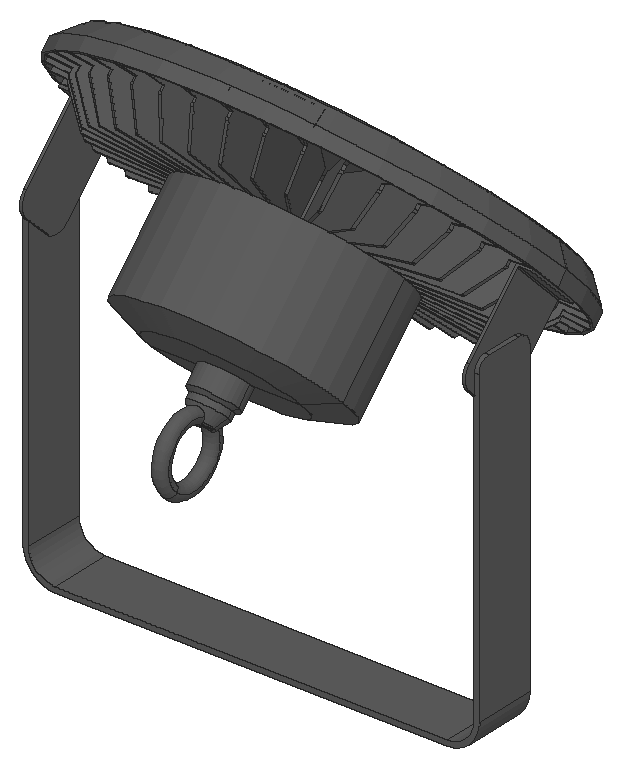
Revit family "0039344+0039353 Feilo Sylvania Lighting Fixture START HIGHBAY 4K 13KLM MEDIUM with BRACKET", category Lighting Fixtures, host Face, Revit 2017
Family settings
  Host = Face
  Round Connector Dimension = Use Diameter
  Part Type = Normal
  OmniClass Number = 23.80.70.00
  OmniClass Title = Lighting
  Cut with Voids When Loaded = No
  Light Source = No
  Shared = No
  Room Calculation Point = No
Parameters (values of type "0039344+0039353 START HIGHBAY 4K 13KLM MEDIUM with BRACKET  ")
  Weight = "3.0 kg"
  Wattage Comments = ""
  WarrantyStartDate [instance] = "n/a"
  WarrantyGuarantorParts = "n/a"
  WarrantyDurationUnit = "n/a"
  WarrantyDurationParts = "n/a"
  WarrantyDescription = "n/a"
  Voltage = 230 V
  URL = "http://www.sylvania-lighting.com"
  TypeName = "START HIGHBAY 4K 13KLM MEDIUM with BRACKET"
  TypeHead_FEILO = Start LED Highbay Head : 0039344+0039353 START HIGHBAY 4K 13KLM MEDIUM with BRACKET  
  Type Image = <None>
  Type Comments = "n/a"
  TiltAngle_FEILO [instance] = 45.00°
  ThicknessBracketPlate_FEILO = 3 mm
  SizeBracketS_FEILO = yes
  SizeBracketM_FEILO = no
  SerialNumber [instance] = "n/a"
  RadiusBracketTop_FEILO = 7 mm
  RadiusBendOut_FEILO = if(SizeBracketS_FEILO, 18 mm, if(SizeBracketM_FEILO, 24 mm, 28 mm))  # 18 mm
  RadiusBendIn_FEILO = RadiusBendOut_FEILO - ThicknessBracketPlate_FEILO  # 15 mm
  Material_3_FEILO = none
  PowerFactor = 0.95
  PowerConsumption = "100 W"
  NominalLength = 270 mm
  NominalHeight = 170 mm
  NominalDepth = 270 mm
  Name = "START HIGHBAY 4K 13KLM MEDIUM with BRACKET"
  ModelReference = Name  # "START HIGHBAY 4K 13KLM MEDIUM with BRACKET"
  ModelNumber = "0039344+0039353"
  Model = Name  # "START HIGHBAY 4K 13KLM MEDIUM with BRACKET"
  Material = "aluminium alloy housing, polycarbonate diffuser"
  ManufacturerName = "Feilo Sylvania"
  Manufacturer = "Feilo Sylvania"
  LuminousEfficacy = "130 lm/W"
  LuminaireType = ""
  LightOutputRatio = "n/a"
  LampsType = Lamp  # "LED"
  LampNominalLuminous = "13000 lm"
  LampMacAdamStep = "n/a"
  LampColourTemperature = "4000 K"
  LampColourRenderingIndex = "80"
  Lamp = "LED"
  Keynote = "16500"
  InstallationDate [instance] = "n/a"
  InputVoltage = "220-240V~"
  InputNominalFrequency = "50/60 Hz"
  IngressProtection = "IP65"
  ImpactProtectionIndex = "IK08"
  IfcExportType = "IfcLightFixtureType"
  IfcExportAs = "IfcLightFixtureType"
  ExpectedLife = 50000
  EndAngle_FEILO [instance] = TiltAngle_FEILO + 180.00°  # 225.00°
  ElectricShockClassification = "Class I"
  DurationUnit = "hours"
  DocumentationLiterature = "http://www.sylvania-lighting.com/product/en-int/products/0039344"
  DimmingControlOptions = "n/a"
  Material_2_FEILO = none
  Description = "START HIGHBAY, includes 1 m cables, black aluminium housing, 13000LM, 100W, 130lm/W, 4000K, Driver current: 2140mA, CR80, 60° beam angle, 1-10V dimmable,  IP65, IK08, 50,000 hrs (L70B50), (LxWxH) 270x270x170mm"
  Default Elevation = 1219.2 mm
  CreatedOn = "2/28/2018"
  CreatedBy = ""
  Cost = 0
  built-in parameter 1114216 [instance] = (empty or 0)
  ClassificationValue = "EF_70_80"
  ClassificationName = "Uniclass2015"
  Material_1_FEILO = Body-Sylvania-StartHighbay-Black
  BracketHeight_FEILO = if(SizeBracketS_FEILO, 199.5 mm, if(SizeBracketM_FEILO, 209.6 mm, 201.3 mm))  # 199.5 mm
  BracketDistanceInner_FEILO = if(SizeBracketS_FEILO, 249.4 mm, if(SizeBracketM_FEILO, 273.6 mm, 313.2 mm))  # 249.4 mm
  BarCode [instance] = "n/a"
  AssetType = "Fixed"
  AssetIdentifier [instance] = "n/a"
  Assembly Code = "D5020200"
  Apparent Load = 100 VA
  Material_4_FEILO = none
Reference planes
  plane 1 "Center (Front/Back)": y = 0
  plane 2: z = 0
  plane 3 "Center (Left/Right)": x = 0
  plane 4: x = -127.7
  plane 5: x = 127.7
  plane 6: z = 199.5
  plane 7: x = -124.7
  plane 8: z = 3
  plane 9: x = 124.7
  plane 10: y = 17.5
  plane 11: y = -17.5
  plane 12: y = -19.5
  plane 13: z = 201.5
  plane 14: y = 19.5
  plane 15: z = 190.5
Forms (mm)
  Extrusion 1, solid, material "Body-Sylvania-StartHighbay-Black" <- "Material_1_FEILO"
    sketch origin (0, 0, 0) x (1, 0, 0) y (0, 0, 1)
      loop
        line (-127.7, 199.5) -> (-127.7, 18)
        arc (-127.7, 18) -> (-122.428, 5.272) -> (-109.7, 0) r 18
        line (-109.7, 0) -> (109.7, 0)
        arc (109.7, 0) -> (122.428, 5.272) -> (127.7, 18) r 18
        line (127.7, 18) -> (127.7, 199.5) -> (124.7, 199.5) -> (124.7, 18)
        arc (124.7, 18) -> (120.307, 7.393) -> (109.7, 3) r 15
        line (109.7, 3) -> (-109.7, 3)
        arc (-109.7, 3) -> (-120.307, 7.393) -> (-124.7, 18) r 15
        line (-124.7, 18) -> (-124.7, 199.5) -> (-127.7, 199.5)
    from -17.5 to 17.5
  Extrusion 2, void
    sketch origin (0, 0, 0) x (0, 1, 0) y (0, 0, 1)
      loop
        arc (10.5, 199.5) -> (15.45, 197.45) -> (17.5, 192.5) r 7
        line (17.5, 192.5) -> (19.5, 192.5) -> (19.5, 201.5) -> (-19.5, 201.5) -> (-19.5, 192.5) -> (-17.5, 192.5)
        arc (-17.5, 192.5) -> (-15.45, 197.45) -> (-10.5, 199.5) r 7
        line (-10.5, 199.5) -> (10.5, 199.5)
    from -127.7 to 127.7
  Revolve 3, solid, not visible
    sketch origin (1223.4, -4572, 190.5) x (0, -1, 0) y (1, 0, 0)
      loop
        line (-4572, -1223.4) -> (-4591.5, -1223.4) -> (-4591.5, -1277.783) -> (-4572, -1277.783) -> (-4572, -1223.4)
      axis (-4572, -1223.4) -> (-4572, -1277.783)
    angle from 45 <- "TiltAngle_FEILO" to 225 <- "EndAngle_FEILO"
Cuts and joins
  Extrusion 2 cuts Extrusion 1
Dimensions and locks
  "BracketHeight_FEILO": plane 6 to plane 2
  equal spacing: plane 11, plane 1 "Center (Front/Back)", plane 10
  locked: plane 11 to plane 10 at 35
  equal spacing: plane 9, plane 3 "Center (Left/Right)", plane 7
  "BracketDistanceInner_FEILO": plane 9 to plane 7
  "ThicknessBracketPlate_FEILO": plane 7 to plane 4
  "ThicknessBracketPlate_FEILO": plane 8 to plane 2
  equal spacing: plane 5, plane 3 "Center (Left/Right)", plane 4
  equal spacing: plane 12, plane 1 "Center (Front/Back)", plane 14
  locked: plane 6 to plane 13 at 2
  locked: plane 12 to plane 11 at 2
  locked: plane 6 to plane 15 at 9
  "RadiusBendOut_FEILO": radius of Extrusion 1 sketch curve  (x2)
  "RadiusBendIn_FEILO": radius of Extrusion 1 sketch curve  (x2)
  "RadiusBracketTop_FEILO": radius of Extrusion 2 sketch curve  (x2)
  aligned and locked: plane 2 to host face
  aligned and locked: level to host face
  aligned and locked: Extrusion 1 sketch curve to plane 4
  aligned and locked: Extrusion 1 sketch curve to level
  aligned and locked: plane 6 to Extrusion 1 sketch curve
  aligned and locked: Extrusion 1 sketch curve to plane 6
  aligned and locked: Extrusion 1 sketch curve to plane 7
  aligned and locked: plane 9 to Extrusion 1 sketch curve
  aligned and locked: plane 8 to Extrusion 1 sketch curve
  aligned and locked: Extrusion 1 to plane 10
  aligned and locked: plane 11 to Extrusion 1
  aligned and locked: Extrusion 1 to Extrusion 2 sketch curve
  aligned and locked: plane 14 to Extrusion 2 sketch curve  (x2)
  aligned and locked: Extrusion 2 sketch curve to plane 12
  aligned and locked: plane 13 to Extrusion 2 sketch curve
  aligned and locked: plane 5 to Extrusion 2
  aligned and locked: Extrusion 2 to plane 4
  aligned and locked: Revolve 3 sketch curve to plane 1 "Center (Front/Back)"
  aligned and locked: Revolve 3 sketch curve to Revolve 3 sketch curve
  aligned and locked: plane 3 "Center (Left/Right)" to Revolve 3 sketch curve
  aligned and locked: Revolve 3 sketch curve to plane 14
  aligned and locked: nested 1 to plane 3 "Center (Left/Right)"
Automatic sketch dimensions
  host sketch curve to host sketch curve = 2438.4 mm  (x2)
  Revolve 3 sketch curve to Revolve 3 sketch curve = 54.383 mm
  Revolve 3 sketch curve to plane 4 = 1396.3 mm
  plane 5 to Revolve 3 sketch curve = 1396.3 mm
  Extrusion 1 sketch curve to Extrusion 1 sketch curve = 0 mm
  Extrusion 2 sketch curve to plane 11 = 0 mm
  Extrusion 2 sketch curve to plane 10 = 0 mm
Nested families
  nested 1: "Start LED Highbay Head" at (0, 0, 190.5) x (-1, 0, 0) z (0, 0.7071, 0.7071), type <- "TypeHead_FEILO", type "0039344+0039353 START HIGHBAY 4K 13KLM MEDIUM with BRACKET  "
    with built-in parameter 1114216 (empty or 0)
Connectors
  electrical at (0, 0, 0), driven by "Apparent Load", driven by "PowerFactor", driven by "Voltage"
    settings: index 1, voltage 230 V, apparent load 100 VA, apparent load phase1 0 VA, apparent load phase2 0 VA, apparent load phase3 0 VA, power factor 0.95, load classification "Lighting", number of poles 1, system type 30, power factor state 1, is connector primary yes, connector utility no, sub classification motor no, connector description ""
Definition of nested family "Start LED Highbay Head"
  Parameters (values of type "0039351+0039354+0039358 START HIGHBAY 6K 19KLM WIDE with BRACKET and PC LAMPSHADE TRANSPARENT ")
    X_FEILO = if(SizeS_FEILO, 60.3 mm, if(SizeM_FEILO, 70.4 mm, 83.5 mm))  # 70.4 mm
    WidthStraight_FEILO = if(SizeS_FEILO, 3 mm, if(SizeM_FEILO, 4 mm, 4.7 mm))  # 4 mm
    WidthRingChamfer_FEILO = if(SizeS_FEILO, 10.3 mm, if(SizeM_FEILO, 11.2 mm, 12.9 mm))  # 11.2 mm
    WidthCurved_FEILO = if(SizeS_FEILO, 17.4 mm, if(SizeM_FEILO, 16.4 mm, 26.2 mm))  # 16.4 mm
    WidthCurvedRing_FEILO = if(SizeS_FEILO, 3 mm, if(SizeM_FEILO, 4 mm, 4.7 mm))  # 4 mm
    WidthBracket_FEILO = 40 mm
    Wattage Comments = ""
    Wattage = 150 W
    built-in parameter 1150110 = 1 (stored number, unit not read)
    URL = "http://www.feilosylvania.com"
    Type Image = (empty or 0)
    Type Comments = "n/a"
    built-in parameter 1114217 = 1 (stored number, unit not read)
    Tilt Angle = -90.00°
    ThicknessWall_FEILO = 1.5 mm
    ThicknessBracket_FEILO = 1.5 mm
    ThicknessBracketHalf_FEILO = ThicknessBracket_FEILO / 2  # 0.75 mm
    built-in parameter 1150109 = 1 (stored number, unit not read)
    built-in parameter 1150134 = 1
    built-in parameter 1150113 = 1 (stored number, unit not read)
    SizeS_FEILO = no
    SizeM_FEILO = yes
    ShadeThickness_FEILO = 3 mm
    ShadeSizeSM_FEILO = or(SizeS_FEILO, SizeM_FEILO)  # yes
    ShadeRadiusOut_FEILO = 205 mm
    ShadeRadiusIn_FEILO = if(ShadeSizeSM_FEILO, 95 mm, 121 mm)  # 95 mm
    ShadeRadiusBend_FEILO = if(ShadeSizeSM_FEILO, 210 mm, 210 mm)  # 210 mm
    ShadeOn_FEILO = yes
    ShadeHeight_FEILO = if(ShadeSizeSM_FEILO, 120 mm, 151 mm)  # 120 mm
    Rib4_FEILO = if(SizeS_FEILO, 18.1 mm, if(SizeM_FEILO, 13.6 mm, 14.6 mm))  # 13.6 mm
    Rib3_FEILO = if(SizeS_FEILO, 15.3 mm, if(SizeM_FEILO, 17.6 mm, 20.2 mm))  # 17.6 mm
    Rib2_FEILO = if(SizeS_FEILO, 3.6 mm, if(SizeM_FEILO, 3.9 mm, 4.5 mm))  # 3.9 mm
    Rib1_FEILO = if(SizeS_FEILO, 15.1 mm, if(SizeM_FEILO, 16.5 mm, 19 mm))  # 16.5 mm
    RadiusDiffuser_FEILO = if(SizeS_FEILO, 95.2 mm, if(SizeM_FEILO, 105.3 mm, 120 mm))  # 105.3 mm
    RadiusArrayPost_FEILO = DriverRadius_FEILO - 6 mm  # 61.2 mm
    RHRadius3_FEILO = if(SizeS_FEILO, 6.6 mm, if(SizeM_FEILO, 7.4 mm, 8.6 mm))  # 7.4 mm
    RHRadius2_FEILO = if(SizeS_FEILO, 11 mm, if(SizeM_FEILO, 12 mm, 14 mm))  # 12 mm
    RHRadius1_FEILO = if(SizeS_FEILO, 13.6 mm, if(SizeM_FEILO, 14.9 mm, 17.7 mm))  # 14.9 mm
    RHHeight4_FEILO = if(SizeS_FEILO, 7.3 mm, if(SizeM_FEILO, 8 mm, 9.2 mm))  # 8 mm
    RHHeight3_FEILO = if(SizeS_FEILO, 3.6 mm, if(SizeM_FEILO, 3.7 mm, 4.6 mm))  # 3.7 mm
    RHHeight2_FEILO = if(SizeS_FEILO, 2 mm, if(SizeM_FEILO, 2.2 mm, 2.6 mm))  # 2.2 mm
    RHHeight1_FEILO = if(SizeS_FEILO, 11.8 mm, if(SizeM_FEILO, 15.3 mm, 17.4 mm))  # 15.3 mm
    Photometric Web File = "0039351+0039358.ies"
    Material_5_FEILO = none
    Material_3_FEILO = none
    Model = "START HIGHBAY 6K 19KLM WIDE with BRACKET and PC LAMPSHADE TRANSPARENT"
    Manufacturer = "Feilo Sylvania"
    built-in parameter 1150105 = 10854.2 (stored number, unit not read)
    Lumens = 19500 lm
    built-in parameter 1150115 = 1 (stored number, unit not read)
    built-in parameter 1150137 = (empty or 0)
    built-in parameter 1150139 = (empty or 0)
    built-in parameter 1150112 = 1 (stored number, unit not read)
    built-in parameter 1150114 = 1 (stored number, unit not read)
    Lamp = "LED"
    Keynote = "16500"
    built-in parameter 1150132 = (empty or 0)
    built-in parameter 1150102 = (empty or 0)
    built-in parameter 1150107 = 6500 (stored number, unit not read)
    built-in parameter 1150138 = (empty or 0)
    built-in parameter 1150106 = 108.54 (stored number, unit not read)
    HeightRing_FEILO = if(SizeS_FEILO, 19.8 mm, if(SizeM_FEILO, 32 mm, 36.8 mm))  # 32 mm
    HeightRingChamfer_FEILO = if(SizeS_FEILO, 11.7 mm, if(SizeM_FEILO, 23.2 mm, 26.6 mm))  # 23.2 mm
    EyeThickness_FEILO = if(SizeS_FEILO, 8.4 mm, if(SizeM_FEILO, 9.2 mm, 10.5 mm))  # 9.2 mm
    EyeThicknessHalf_FEILO = EyeThickness_FEILO / 2  # 4.6 mm
    EyeInner_FEILO = if(SizeS_FEILO, 13.8 mm, if(SizeM_FEILO, 15.1 mm, 17.3 mm))  # 15.1 mm
    Emit from Circle Diameter = RadiusDiffuser_FEILO * 2  # 210.6 mm
    Emit Shape Visible in Rendering = no
    built-in parameter 1150104 = 12.077 (stored number, unit not read)
    DriverVerticalStraight_FEILO = if(SizeS_FEILO, 46.5 mm, if(SizeM_FEILO, 49.7 mm, 57 mm))  # 49.7 mm
    DriverVerticalChamfer_FEILO = if(SizeS_FEILO, 7.5 mm, if(SizeM_FEILO, 8.2 mm, 9.5 mm))  # 8.2 mm
    DriverRadius_FEILO = if(SizeS_FEILO, 61.4 mm, if(SizeM_FEILO, 67.2 mm, 76.4 mm))  # 67.2 mm
    DriverRadiusTop_FEILO = if(SizeS_FEILO, 42 mm, if(SizeM_FEILO, 45.3 mm, 52.4 mm))  # 45.3 mm
    DriverBottom_FEILO = if(SizeS_FEILO, 56 mm, if(SizeM_FEILO, 64.5 mm, 74 mm))  # 64.5 mm
    Material_2_FEILO = none
    Radius_FEILO = if(SizeS_FEILO, 135 mm, if(SizeM_FEILO, 148 mm, 169.5 mm))  # 148 mm
    Dimming Lamp Color Temperature Shift = (empty or 0)
    DiameterWire_FEILO = 3 mm
    DiameterWireSupport_FEILO = 10 mm
    Description = "START HIGHBAY, includes 1 m cables, black aluminium housing, 19500LM, 150W, 130lm/W, 6500K, Driver current: 2140mA, CR80, 60° beam angle, 1-10V dimmable,  IP65, IK08, 50,000 hrs (L70B50), (LxWxH) 296x296x177mm"
    Default Elevation = 1219.2 mm
    Cost = 0
    Color Filter = 16777215
    built-in parameter 1114216 [instance] = (empty or 0)
    Material_1_FEILO = none
    built-in parameter 1114218 = 1 (stored number, unit not read)
    built-in parameter 1150133 = 10 (stored number, unit not read)
    Assembly Code = "D5020200"
    Apparent Load = 150 VA
    Material_4_FEILO = none
  Types (36, lengths in mm): name | X_FEILO | WidthStraight_FEILO | WidthRingChamfer_FEILO | WidthCurved_FEILO | WidthCurvedRing_FEILO | Wattage | built-in parameter 1150134 | SizeS_FEILO | SizeM_FEILO | ShadeSizeSM_FEILO | ShadeRadiusIn_FEILO | ShadeOn_FEILO | ShadeHeight_FEILO | Rib4_FEILO | Rib3_FEILO | Rib2_FEILO | Rib1_FEILO | RadiusDiffuser_FEILO | RadiusArrayPost_FEILO | RHRadius3_FEILO | RHRadius2_FEILO | RHRadius1_FEILO | RHHeight4_FEILO | RHHeight3_FEILO | RHHeight2_FEILO | RHHeight1_FEILO | Photometric Web File | Model | built-in parameter 1150105 | Lumens | built-in parameter 1150107 | built-in parameter 1150106 | HeightRing_FEILO | HeightRingChamfer_FEILO | EyeThickness_FEILO | EyeThicknessHalf_FEILO | EyeInner_FEILO | Emit from Circle Diameter | DriverVerticalStraight_FEILO | DriverVerticalChamfer_FEILO | DriverRadius_FEILO | DriverRadiusTop_FEILO | DriverBottom_FEILO | Radius_FEILO | Description | Apparent Load
    0039352+0039355+0039361 START HIGHBAY 6K 26KLM WIDE with BRACKET and PC LAMPSHADE TRANSPARENT | 83.5 | 4.7 | 12.9 | 26.2 | 4.7 | 200 W | 1 | no | no | no | 121 | yes | 151 | 14.6 | 20.2 | 4.5 | 19 | 120 | 70.4 | 8.6 | 14 | 17.7 | 9.2 | 4.6 | 2.6 | 17.4 | "0039352+0039361.ies" | "START HIGHBAY 6K 26KLM WIDE with BRACKET and PC LAMPSHADE TRANSPARENT" | 17911 (stored number, unit not read) | 26000 lm | 6500 (stored number, unit not read) | 179.11 (stored number, unit not read) | 36.8 | 26.6 | 10.5 | 5.25 | 17.3 | 240 | 57 | 9.5 | 76.4 | 52.4 | 74 | 169.5 | "START HIGHBAY, includes 1 m cables, black aluminium housing, 26000LM, 200W, 130lm/W, 6500K, Driver current: 5000mA, CR80, 60° beam angle, 1-10V dimmable,  IP65, IK08, 50,000 hrs (L70B50), (LxWxH) 339x339x194mm" | 200 VA
    0039352+0039355+0039360 START HIGHBAY 6K 26KLM WIDE with BRACKET and ALU SHADE BLACK COLOR | 83.5 | 4.7 | 12.9 | 26.2 | 4.7 | 200 W | 1 | no | no | no | 121 | yes | 151 | 14.6 | 20.2 | 4.5 | 19 | 120 | 70.4 | 8.6 | 14 | 17.7 | 9.2 | 4.6 | 2.6 | 17.4 | "0039352+0039360.ies" | "START HIGHBAY 6K 26KLM WIDE with BRACKET and ALU SHADE BLACK COLOR" | 14870 (stored number, unit not read) | 26000 lm | 6500 (stored number, unit not read) | 148.7 (stored number, unit not read) | 36.8 | 26.6 | 10.5 | 5.25 | 17.3 | 240 | 57 | 9.5 | 76.4 | 52.4 | 74 | 169.5 | "START HIGHBAY, includes 1 m cables, black aluminium housing, 26000LM, 200W, 130lm/W, 6500K, Driver current: 5000mA, CR80, 60° beam angle, 1-10V dimmable,  IP65, IK08, 50,000 hrs (L70B50), (LxWxH) 339x339x194mm" | 200 VA
    0039352+0039355+0039359 START HIGHBAY 6K 26KLM WIDE with BRACKET and ALU SHADE ALU COLOR | 83.5 | 4.7 | 12.9 | 26.2 | 4.7 | 200 W | 1 | no | no | no | 121 | yes | 151 | 14.6 | 20.2 | 4.5 | 19 | 120 | 70.4 | 8.6 | 14 | 17.7 | 9.2 | 4.6 | 2.6 | 17.4 | "0039352+0039359.ies" | "START HIGHBAY 6K 26KLM WIDE with BRACKET and ALU SHADE ALU COLOR" | 14870 (stored number, unit not read) | 26000 lm | 6500 (stored number, unit not read) | 148.7 (stored number, unit not read) | 36.8 | 26.6 | 10.5 | 5.25 | 17.3 | 240 | 57 | 9.5 | 76.4 | 52.4 | 74 | 169.5 | "START HIGHBAY, includes 1 m cables, black aluminium housing, 26000LM, 200W, 130lm/W, 6500K, Driver current: 5000mA, CR80, 60° beam angle, 1-10V dimmable,  IP65, IK08, 50,000 hrs (L70B50), (LxWxH) 339x339x194mm" | 200 VA
    0039352+0039355 START HIGHBAY 6K 26KLM WIDE with BRACKET | 83.5 | 4.7 | 12.9 | 26.2 | 4.7 | 200 W | 1 | no | no | no | 121 | no | 151 | 14.6 | 20.2 | 4.5 | 19 | 120 | 70.4 | 8.6 | 14 | 17.7 | 9.2 | 4.6 | 2.6 | 17.4 | "0039352.ies" | "START HIGHBAY 6K 26KLM WIDE with BRACKET" | 13836.2 (stored number, unit not read) | 26000 lm | 6500 (stored number, unit not read) | 138.36 (stored number, unit not read) | 36.8 | 26.6 | 10.5 | 5.25 | 17.3 | 240 | 57 | 9.5 | 76.4 | 52.4 | 74 | 169.5 | "START HIGHBAY, includes 1 m cables, black aluminium housing, 26000LM, 200W, 130lm/W, 6500K, Driver current: 5000mA, CR80, 60° beam angle, 1-10V dimmable,  IP65, IK08, 50,000 hrs (L70B50), (LxWxH) 339x339x194mm" | 200 VA
    0039351+0039354+0039358 START HIGHBAY 6K 19KLM WIDE with BRACKET and PC LAMPSHADE TRANSPARENT | 70.4 | 4 | 11.2 | 16.4 | 4 | 150 W | 1 | no | yes | yes | 95 | yes | 120 | 13.6 | 17.6 | 3.9 | 16.5 | 105.3 | 61.2 | 7.4 | 12 | 14.9 | 8 | 3.7 | 2.2 | 15.3 | "0039351+0039358.ies" | "START HIGHBAY 6K 19KLM WIDE with BRACKET and PC LAMPSHADE TRANSPARENT" | 10854.2 (stored number, unit not read) | 19500 lm | 6500 (stored number, unit not read) | 108.54 (stored number, unit not read) | 32 | 23.2 | 9.2 | 4.6 | 15.1 | 210.6 | 49.7 | 8.2 | 67.2 | 45.3 | 64.5 | 148 | "START HIGHBAY, includes 1 m cables, black aluminium housing, 19500LM, 150W, 130lm/W, 6500K, Driver current: 2140mA, CR80, 60° beam angle, 1-10V dimmable,  IP65, IK08, 50,000 hrs (L70B50), (LxWxH) 296x296x177mm" | 150 VA
    0039351+0039354+0039357 START HIGHBAY 6K 19KLM WIDE with BRACKET and ALU SHADE BLACK COLOR | 70.4 | 4 | 11.2 | 16.4 | 4 | 150 W | 1 | no | yes | yes | 95 | yes | 120 | 13.6 | 17.6 | 3.9 | 16.5 | 105.3 | 61.2 | 7.4 | 12 | 14.9 | 8 | 3.7 | 2.2 | 15.3 | "0039351+0039357.ies" | "START HIGHBAY 6K 19KLM WIDE with BRACKET and ALU SHADE BLACK COLOR" | 11152.5 (stored number, unit not read) | 19500 lm | 6500 (stored number, unit not read) | 111.52 (stored number, unit not read) | 32 | 23.2 | 9.2 | 4.6 | 15.1 | 210.6 | 49.7 | 8.2 | 67.2 | 45.3 | 64.5 | 148 | "START HIGHBAY, includes 1 m cables, black aluminium housing, 19500LM, 150W, 130lm/W, 6500K, Driver current: 2140mA, CR80, 60° beam angle, 1-10V dimmable,  IP65, IK08, 50,000 hrs (L70B50), (LxWxH) 296x296x177mm" | 150 VA
    0039351+0039354+0039356 START HIGHBAY 6K 19KLM WIDE with BRACKET and ALU SHADE ALU COLOR | 70.4 | 4 | 11.2 | 16.4 | 4 | 150 W | 1 | no | yes | yes | 95 | yes | 120 | 13.6 | 17.6 | 3.9 | 16.5 | 105.3 | 61.2 | 7.4 | 12 | 14.9 | 8 | 3.7 | 2.2 | 15.3 | "0039351+0039356.ies" | "START HIGHBAY 6K 19KLM WIDE with BRACKET and ALU SHADE ALU COLOR" | 11152.5 (stored number, unit not read) | 19500 lm | 6500 (stored number, unit not read) | 111.52 (stored number, unit not read) | 32 | 23.2 | 9.2 | 4.6 | 15.1 | 210.6 | 49.7 | 8.2 | 67.2 | 45.3 | 64.5 | 148 | "START HIGHBAY, includes 1 m cables, black aluminium housing, 19500LM, 150W, 130lm/W, 6500K, Driver current: 2140mA, CR80, 60° beam angle, 1-10V dimmable,  IP65, IK08, 50,000 hrs (L70B50), (LxWxH) 296x296x177mm" | 150 VA
    0039351+0039354 START HIGHBAY 6K 19KLM WIDE with BRACKET | 70.4 | 4 | 11.2 | 16.4 | 4 | 150 W | 1 | no | yes | yes | 95 | no | 120 | 13.6 | 17.6 | 3.9 | 16.5 | 105.3 | 61.2 | 7.4 | 12 | 14.9 | 8 | 3.7 | 2.2 | 15.3 | "0039351.ies" | "START HIGHBAY 6K 19KLM WIDE with BRACKET" | 10377.1 (stored number, unit not read) | 19500 lm | 6500 (stored number, unit not read) | 103.77 (stored number, unit not read) | 32 | 23.2 | 9.2 | 4.6 | 15.1 | 210.6 | 49.7 | 8.2 | 67.2 | 45.3 | 64.5 | 148 | "START HIGHBAY, includes 1 m cables, black aluminium housing, 19500LM, 150W, 130lm/W, 6500K, Driver current: 2140mA, CR80, 60° beam angle, 1-10V dimmable,  IP65, IK08, 50,000 hrs (L70B50), (LxWxH) 296x296x177mm" | 150 VA
    0039350+0039353+0039358 START HIGHBAY 6K 13KLM WIDE with BRACKET and PC LAMPSHADE TRANSPARENT | 60.3 | 3 | 10.3 | 17.4 | 3 | 100 W | 1 | yes | no | yes | 95 | yes | 120 | 18.1 | 15.3 | 3.6 | 15.1 | 95.2 | 55.4 | 6.6 | 11 | 13.6 | 7.3 | 3.6 | 2 | 11.8 | "0039350+0039358.ies" | "START HIGHBAY 6K 13KLM WIDE with BRACKET and PC LAMPSHADE TRANSPARENT" | 7236.1 (stored number, unit not read) | 13000 lm | 6500 (stored number, unit not read) | 72.361 (stored number, unit not read) | 19.8 | 11.7 | 8.4 | 4.2 | 13.8 | 190.4 | 46.5 | 7.5 | 61.4 | 42 | 56 | 135 | "START HIGHBAY, includes 1 m cables, black aluminium housing, 13000LM, 100W, 130lm/W, 6500K, Driver current: 2140mA, CR80, 60° beam angle, 1-10V dimmable,  IP65, IK08, 50,000 hrs (L70B50), (LxWxH) 270x270x170mm" | 100 VA
    0039350+0039353+0039357 START HIGHBAY 6K 13KLM WIDE with BRACKET and ALU SHADE BLACK COLOR | 60.3 | 3 | 10.3 | 17.4 | 3 | 100 W | 1 | yes | no | yes | 95 | yes | 120 | 18.1 | 15.3 | 3.6 | 15.1 | 95.2 | 55.4 | 6.6 | 11 | 13.6 | 7.3 | 3.6 | 2 | 11.8 | "0039350+0039357.ies" | "START HIGHBAY 6K 13KLM WIDE with BRACKET and ALU SHADE BLACK COLOR" | 7435 (stored number, unit not read) | 13000 lm | 6500 (stored number, unit not read) | 74.35 (stored number, unit not read) | 19.8 | 11.7 | 8.4 | 4.2 | 13.8 | 190.4 | 46.5 | 7.5 | 61.4 | 42 | 56 | 135 | "START HIGHBAY, includes 1 m cables, black aluminium housing, 13000LM, 100W, 130lm/W, 6500K, Driver current: 2140mA, CR80, 60° beam angle, 1-10V dimmable,  IP65, IK08, 50,000 hrs (L70B50), (LxWxH) 270x270x170mm" | 100 VA
    0039350+0039353+0039356 START HIGHBAY 6K 13KLM WIDE with BRACKET and ALU SHADE ALU COLOR | 60.3 | 3 | 10.3 | 17.4 | 3 | 100 W | 1 | yes | no | yes | 95 | yes | 120 | 18.1 | 15.3 | 3.6 | 15.1 | 95.2 | 55.4 | 6.6 | 11 | 13.6 | 7.3 | 3.6 | 2 | 11.8 | "0039350+0039356.ies" | "START HIGHBAY 6K 13KLM WIDE with BRACKET and ALU SHADE ALU COLOR" | 7435 (stored number, unit not read) | 13000 lm | 6500 (stored number, unit not read) | 74.35 (stored number, unit not read) | 19.8 | 11.7 | 8.4 | 4.2 | 13.8 | 190.4 | 46.5 | 7.5 | 61.4 | 42 | 56 | 135 | "START HIGHBAY, includes 1 m cables, black aluminium housing, 13000LM, 100W, 130lm/W, 6500K, Driver current: 2140mA, CR80, 60° beam angle, 1-10V dimmable,  IP65, IK08, 50,000 hrs (L70B50), (LxWxH) 270x270x170mm" | 100 VA
    0039350+0039353 START HIGHBAY 6K 13KLM WIDE with BRACKET | 60.3 | 3 | 10.3 | 17.4 | 3 | 100 W | 1 | yes | no | yes | 95 | no | 120 | 18.1 | 15.3 | 3.6 | 15.1 | 95.2 | 55.4 | 6.6 | 11 | 13.6 | 7.3 | 3.6 | 2 | 11.8 | "0039350.ies" | "START HIGHBAY 6K 13KLM WIDE with BRACKET" | 6918.1 (stored number, unit not read) | 13000 lm | 6500 (stored number, unit not read) | 69.181 (stored number, unit not read) | 19.8 | 11.7 | 8.4 | 4.2 | 13.8 | 190.4 | 46.5 | 7.5 | 61.4 | 42 | 56 | 135 | "START HIGHBAY, includes 1 m cables, black aluminium housing, 13000LM, 100W, 130lm/W, 6500K, Driver current: 2140mA, CR80, 60° beam angle, 1-10V dimmable,  IP65, IK08, 50,000 hrs (L70B50), (LxWxH) 270x270x170mm" | 100 VA
    0039349+0039355+0039361 START HIGHBAY 4K 26KLM WIDE with BRACKET and PC LAMPSHADE TRANSPARENT FOR | 83.5 | 4.7 | 12.9 | 26.2 | 4.7 | 200 W | 12 | no | no | no | 121 | yes | 151 | 14.6 | 20.2 | 4.5 | 19 | 120 | 70.4 | 8.6 | 14 | 17.7 | 9.2 | 4.6 | 2.6 | 17.4 | "0039349+0039361.ies" | "START HIGHBAY 4K 26KLM WIDE with BRACKET and PC LAMPSHADE TRANSPARENT FOR" | 17911 (stored number, unit not read) | 26000 lm | 4000 (stored number, unit not read) | 179.11 (stored number, unit not read) | 36.8 | 26.6 | 10.5 | 5.25 | 17.3 | 240 | 57 | 9.5 | 76.4 | 52.4 | 74 | 169.5 | "START HIGHBAY, includes 1 m cables, black aluminium housing, 26000LM, 200W, 130lm/W, 4000K, Driver current: 5000mA, CR80, 90° beam angle, 1-10V dimmable,  IP65, IK08, 50,000 hrs (L70B50), (LxWxH) 339x339x194mm" | 200 VA
    0039349+0039355+0039360 START HIGHBAY 4K 26KLM WIDE with BRACKET and ALU SHADE BLACK COLOR | 83.5 | 4.7 | 12.9 | 26.2 | 4.7 | 200 W | 12 | no | no | no | 121 | yes | 151 | 14.6 | 20.2 | 4.5 | 19 | 120 | 70.4 | 8.6 | 14 | 17.7 | 9.2 | 4.6 | 2.6 | 17.4 | "0039349+0039360.ies" | "START HIGHBAY 4K 26KLM WIDE with BRACKET and ALU SHADE BLACK COLOR" | 14870 (stored number, unit not read) | 26000 lm | 4000 (stored number, unit not read) | 148.7 (stored number, unit not read) | 36.8 | 26.6 | 10.5 | 5.25 | 17.3 | 240 | 57 | 9.5 | 76.4 | 52.4 | 74 | 169.5 | "START HIGHBAY, includes 1 m cables, black aluminium housing, 26000LM, 200W, 130lm/W, 4000K, Driver current: 5000mA, CR80, 90° beam angle, 1-10V dimmable,  IP65, IK08, 50,000 hrs (L70B50), (LxWxH) 339x339x194mm" | 200 VA
    0039349+0039355+0039359 START HIGHBAY 4K 26KLM WIDE with BRACKET and ALU SHADE ALU COLOR | 83.5 | 4.7 | 12.9 | 26.2 | 4.7 | 200 W | 12 | no | no | no | 121 | yes | 151 | 14.6 | 20.2 | 4.5 | 19 | 120 | 70.4 | 8.6 | 14 | 17.7 | 9.2 | 4.6 | 2.6 | 17.4 | "0039349+0039359.ies" | "START HIGHBAY 4K 26KLM WIDE with BRACKET and ALU SHADE ALU COLOR" | 14870 (stored number, unit not read) | 26000 lm | 4000 (stored number, unit not read) | 148.7 (stored number, unit not read) | 36.8 | 26.6 | 10.5 | 5.25 | 17.3 | 240 | 57 | 9.5 | 76.4 | 52.4 | 74 | 169.5 | "START HIGHBAY, includes 1 m cables, black aluminium housing, 26000LM, 200W, 130lm/W, 4000K, Driver current: 5000mA, CR80, 90° beam angle, 1-10V dimmable,  IP65, IK08, 50,000 hrs (L70B50), (LxWxH) 339x339x194mm" | 200 VA
    0039349+0039355 START HIGHBAY 4K 26KLM WIDE with BRACKET | 83.5 | 4.7 | 12.9 | 26.2 | 4.7 | 200 W | 12 | no | no | no | 121 | no | 151 | 14.6 | 20.2 | 4.5 | 19 | 120 | 70.4 | 8.6 | 14 | 17.7 | 9.2 | 4.6 | 2.6 | 17.4 | "0039349.ies" | "START HIGHBAY 4K 26KLM WIDE with BRACKET" | 13836.2 (stored number, unit not read) | 26000 lm | 4000 (stored number, unit not read) | 138.36 (stored number, unit not read) | 36.8 | 26.6 | 10.5 | 5.25 | 17.3 | 240 | 57 | 9.5 | 76.4 | 52.4 | 74 | 169.5 | "START HIGHBAY, includes 1 m cables, black aluminium housing, 26000LM, 200W, 130lm/W, 4000K, Driver current: 5000mA, CR80, 90° beam angle, 1-10V dimmable,  IP65, IK08, 50,000 hrs (L70B50), (LxWxH) 339x339x194mm" | 200 VA
    0039348+0039354+0039358 START HIGHBAY 4K 19KLM WIDE with BRACKET and PC LAMPSHADE TRANSPARENT | 70.4 | 4 | 11.2 | 16.4 | 4 | 150 W | 12 | no | yes | yes | 95 | yes | 120 | 13.6 | 17.6 | 3.9 | 16.5 | 105.3 | 61.2 | 7.4 | 12 | 14.9 | 8 | 3.7 | 2.2 | 15.3 | "0039348+0039358.ies" | "START HIGHBAY 4K 19KLM WIDE with BRACKET and PC LAMPSHADE TRANSPARENT" | 10854.2 (stored number, unit not read) | 19500 lm | 4000 (stored number, unit not read) | 108.54 (stored number, unit not read) | 32 | 23.2 | 9.2 | 4.6 | 15.1 | 210.6 | 49.7 | 8.2 | 67.2 | 45.3 | 64.5 | 148 | "START HIGHBAY, includes 1 m cables, black aluminium housing, 19500LM, 150W, 130lm/W, 4000K, Driver current: 3210mA, CR80, 90° beam angle, 1-10V dimmable,  IP65, IK08, 50,000 hrs (L70B50), (LxWxH) 296x296x177mm" | 150 VA
    0039348+0039354+0039357 START HIGHBAY 4K 19KLM WIDE with BRACKET and ALU SHADE BLACK COLOR | 70.4 | 4 | 11.2 | 16.4 | 4 | 150 W | 12 | no | yes | yes | 95 | yes | 120 | 13.6 | 17.6 | 3.9 | 16.5 | 105.3 | 61.2 | 7.4 | 12 | 14.9 | 8 | 3.7 | 2.2 | 15.3 | "0039348+0039357.ies" | "START HIGHBAY 4K 19KLM WIDE with BRACKET and ALU SHADE BLACK COLOR" | 11152.5 (stored number, unit not read) | 19500 lm | 4000 (stored number, unit not read) | 111.52 (stored number, unit not read) | 32 | 23.2 | 9.2 | 4.6 | 15.1 | 210.6 | 49.7 | 8.2 | 67.2 | 45.3 | 64.5 | 148 | "START HIGHBAY, includes 1 m cables, black aluminium housing, 19500LM, 150W, 130lm/W, 4000K, Driver current: 3210mA, CR80, 90° beam angle, 1-10V dimmable,  IP65, IK08, 50,000 hrs (L70B50), (LxWxH) 296x296x177mm" | 150 VA
    0039348+0039354+0039356 START HIGHBAY 4K 19KLM WIDE with BRACKET and ALU SHADE ALU COLOR | 70.4 | 4 | 11.2 | 16.4 | 4 | 150 W | 12 | no | yes | yes | 95 | yes | 120 | 13.6 | 17.6 | 3.9 | 16.5 | 105.3 | 61.2 | 7.4 | 12 | 14.9 | 8 | 3.7 | 2.2 | 15.3 | "0039348+0039356.ies" | "START HIGHBAY 4K 19KLM WIDE with BRACKET and ALU SHADE ALU COLOR" | 11152.5 (stored number, unit not read) | 19500 lm | 4000 (stored number, unit not read) | 111.52 (stored number, unit not read) | 32 | 23.2 | 9.2 | 4.6 | 15.1 | 210.6 | 49.7 | 8.2 | 67.2 | 45.3 | 64.5 | 148 | "START HIGHBAY, includes 1 m cables, black aluminium housing, 19500LM, 150W, 130lm/W, 4000K, Driver current: 3210mA, CR80, 90° beam angle, 1-10V dimmable,  IP65, IK08, 50,000 hrs (L70B50), (LxWxH) 296x296x177mm" | 150 VA
    0039348+0039354 START HIGHBAY 4K 19KLM WIDE with BRACKET | 70.4 | 4 | 11.2 | 16.4 | 4 | 150 W | 12 | no | yes | yes | 95 | no | 120 | 13.6 | 17.6 | 3.9 | 16.5 | 105.3 | 61.2 | 7.4 | 12 | 14.9 | 8 | 3.7 | 2.2 | 15.3 | "0039348.ies" | "START HIGHBAY 4K 19KLM WIDE with BRACKET" | 10377.1 (stored number, unit not read) | 19500 lm | 4000 (stored number, unit not read) | 103.77 (stored number, unit not read) | 32 | 23.2 | 9.2 | 4.6 | 15.1 | 210.6 | 49.7 | 8.2 | 67.2 | 45.3 | 64.5 | 148 | "START HIGHBAY, includes 1 m cables, black aluminium housing, 19500LM, 150W, 130lm/W, 4000K, Driver current: 3210mA, CR80, 90° beam angle, 1-10V dimmable,  IP65, IK08, 50,000 hrs (L70B50), (LxWxH) 296x296x177mm" | 150 VA
    0039347+0039353+0039358 START HIGHBAY 4K 13KLM WIDE with BRACKET and PC LAMPSHADE TRANSPARENT | 60.3 | 3 | 10.3 | 17.4 | 3 | 100 W | 12 | yes | no | yes | 95 | yes | 120 | 18.1 | 15.3 | 3.6 | 15.1 | 95.2 | 55.4 | 6.6 | 11 | 13.6 | 7.3 | 3.6 | 2 | 11.8 | "0039347+0039358.ies" | "START HIGHBAY 4K 13KLM WIDE with BRACKET and PC LAMPSHADE TRANSPARENT" | 7236.1 (stored number, unit not read) | 13000 lm | 4000 (stored number, unit not read) | 72.361 (stored number, unit not read) | 19.8 | 11.7 | 8.4 | 4.2 | 13.8 | 190.4 | 46.5 | 7.5 | 61.4 | 42 | 56 | 135 | "START HIGHBAY, includes 1 m cables, black aluminium housing, 13000LM, 100W, 130lm/W, 4000K, Driver current: 2140mA, CR80, 90° beam angle, 1-10V dimmable,  IP65, IK08, 50,000 hrs (L70B50), (LxWxH) 270x270x170mm" | 100 VA
    0039347+0039353+0039357 START HIGHBAY 4K 13KLM WIDE with BRACKET and ALU SHADE BLACK COLOR | 60.3 | 3 | 10.3 | 17.4 | 3 | 100 W | 12 | yes | no | yes | 95 | yes | 120 | 18.1 | 15.3 | 3.6 | 15.1 | 95.2 | 55.4 | 6.6 | 11 | 13.6 | 7.3 | 3.6 | 2 | 11.8 | "0039347+0039357.ies" | "START HIGHBAY 4K 13KLM WIDE with BRACKET and ALU SHADE BLACK COLOR" | 7435 (stored number, unit not read) | 13000 lm | 4000 (stored number, unit not read) | 74.35 (stored number, unit not read) | 19.8 | 11.7 | 8.4 | 4.2 | 13.8 | 190.4 | 46.5 | 7.5 | 61.4 | 42 | 56 | 135 | "START HIGHBAY, includes 1 m cables, black aluminium housing, 13000LM, 100W, 130lm/W, 4000K, Driver current: 2140mA, CR80, 90° beam angle, 1-10V dimmable,  IP65, IK08, 50,000 hrs (L70B50), (LxWxH) 270x270x170mm" | 100 VA
    0039347+0039353+0039356 START HIGHBAY 4K 13KLM WIDE with BRACKET and ALU SHADE ALU COLOR | 60.3 | 3 | 10.3 | 17.4 | 3 | 100 W | 12 | yes | no | yes | 95 | yes | 120 | 18.1 | 15.3 | 3.6 | 15.1 | 95.2 | 55.4 | 6.6 | 11 | 13.6 | 7.3 | 3.6 | 2 | 11.8 | "0039347+0039356.ies" | "START HIGHBAY 4K 13KLM WIDE with BRACKET and ALU SHADE ALU COLOR" | 7435 (stored number, unit not read) | 13000 lm | 4000 (stored number, unit not read) | 74.35 (stored number, unit not read) | 19.8 | 11.7 | 8.4 | 4.2 | 13.8 | 190.4 | 46.5 | 7.5 | 61.4 | 42 | 56 | 135 | "START HIGHBAY, includes 1 m cables, black aluminium housing, 13000LM, 100W, 130lm/W, 4000K, Driver current: 2140mA, CR80, 90° beam angle, 1-10V dimmable,  IP65, IK08, 50,000 hrs (L70B50), (LxWxH) 270x270x170mm" | 100 VA
    0039347+0039353 START HIGHBAY 4K 13KLM WIDE with BRACKET | 60.3 | 3 | 10.3 | 17.4 | 3 | 100 W | 12 | yes | no | yes | 95 | no | 120 | 18.1 | 15.3 | 3.6 | 15.1 | 95.2 | 55.4 | 6.6 | 11 | 13.6 | 7.3 | 3.6 | 2 | 11.8 | "0039347.ies" | "START HIGHBAY 4K 13KLM WIDE with BRACKET" | 6918.1 (stored number, unit not read) | 13000 lm | 4000 (stored number, unit not read) | 69.181 (stored number, unit not read) | 19.8 | 11.7 | 8.4 | 4.2 | 13.8 | 190.4 | 46.5 | 7.5 | 61.4 | 42 | 56 | 135 | "START HIGHBAY, includes 1 m cables, black aluminium housing, 13000LM, 100W, 130lm/W, 4000K, Driver current: 2140mA, CR80, 90° beam angle, 1-10V dimmable,  IP65, IK08, 50,000 hrs (L70B50), (LxWxH) 270x270x170mm" | 100 VA
    0039346+0039355+0039361 START HIGHBAY 4K 26KLM MEDIUM with BRACKET and PC LAMPSHADE TRANSPARENT | 83.5 | 4.7 | 12.9 | 26.2 | 4.7 | 200 W | 12 | no | no | no | 121 | yes | 151 | 14.6 | 20.2 | 4.5 | 19 | 120 | 70.4 | 8.6 | 14 | 17.7 | 9.2 | 4.6 | 2.6 | 17.4 | "0039346+0039361.ies" | "START HIGHBAY 4K 26KLM MEDIUM with BRACKET and PC LAMPSHADE TRANSPARENT" | 35142.4 (stored number, unit not read) | 26000 lm | 4000 (stored number, unit not read) | 351.42 (stored number, unit not read) | 36.8 | 26.6 | 10.5 | 5.25 | 17.3 | 240 | 57 | 9.5 | 76.4 | 52.4 | 74 | 169.5 | "START HIGHBAY, includes 1 m cables, black aluminium housing, 26000LM, 200W, 130lm/W, 4000K, Driver current: 5000mA, CR80, 60° beam angle, 1-10V dimmable,  IP65, IK08, 50,000 hrs (L70B50), (LxWxH) 339x339x194mm" | 200 VA
    0039346+0039355+0039360 START HIGHBAY 4K 26KLM MEDIUM with BRACKET and ALU SHADE BLACK COLOR | 83.5 | 4.7 | 12.9 | 26.2 | 4.7 | 200 W | 12 | no | no | no | 121 | yes | 151 | 14.6 | 20.2 | 4.5 | 19 | 120 | 70.4 | 8.6 | 14 | 17.7 | 9.2 | 4.6 | 2.6 | 17.4 | "0039346+0039360.ies" | "START HIGHBAY 4K 26KLM MEDIUM with BRACKET and ALU SHADE BLACK COLOR" | 35336 (stored number, unit not read) | 26000 lm | 4000 (stored number, unit not read) | 353.36 (stored number, unit not read) | 36.8 | 26.6 | 10.5 | 5.25 | 17.3 | 240 | 57 | 9.5 | 76.4 | 52.4 | 74 | 169.5 | "START HIGHBAY, includes 1 m cables, black aluminium housing, 26000LM, 200W, 130lm/W, 4000K, Driver current: 5000mA, CR80, 60° beam angle, 1-10V dimmable,  IP65, IK08, 50,000 hrs (L70B50), (LxWxH) 339x339x194mm" | 200 VA
    0039346+0039355+0039359 START HIGHBAY 4K 26KLM MEDIUM with BRACKET and ALU SHADE ALU COLOR | 83.5 | 4.7 | 12.9 | 26.2 | 4.7 | 200 W | 12 | no | no | no | 121 | yes | 151 | 14.6 | 20.2 | 4.5 | 19 | 120 | 70.4 | 8.6 | 14 | 17.7 | 9.2 | 4.6 | 2.6 | 17.4 | "0039346+0039359.ies" | "START HIGHBAY 4K 26KLM MEDIUM with BRACKET and ALU SHADE ALU COLOR" | 35336 (stored number, unit not read) | 26000 lm | 4000 (stored number, unit not read) | 353.36 (stored number, unit not read) | 36.8 | 26.6 | 10.5 | 5.25 | 17.3 | 240 | 57 | 9.5 | 76.4 | 52.4 | 74 | 169.5 | "START HIGHBAY, includes 1 m cables, black aluminium housing, 26000LM, 200W, 130lm/W, 4000K, Driver current: 5000mA, CR80, 60° beam angle, 1-10V dimmable,  IP65, IK08, 50,000 hrs (L70B50), (LxWxH) 339x339x194mm" | 200 VA
    0039346+0039355 START HIGHBAY 4K 26KLM MEDIUM with BRACKET | 83.5 | 4.7 | 12.9 | 26.2 | 4.7 | 200 W | 12 | no | no | no | 121 | no | 151 | 14.6 | 20.2 | 4.5 | 19 | 120 | 70.4 | 8.6 | 14 | 17.7 | 9.2 | 4.6 | 2.6 | 17.4 | "0039346.ies" | "START HIGHBAY 4K 26KLM MEDIUM with BRACKET" | 32161 (stored number, unit not read) | 26000 lm | 4000 (stored number, unit not read) | 321.61 (stored number, unit not read) | 36.8 | 26.6 | 10.5 | 5.25 | 17.3 | 240 | 57 | 9.5 | 76.4 | 52.4 | 74 | 169.5 | "START HIGHBAY, includes 1 m cables, black aluminium housing, 26000LM, 200W, 130lm/W, 4000K, Driver current: 5000mA, CR80, 60° beam angle, 1-10V dimmable,  IP65, IK08, 50,000 hrs (L70B50), (LxWxH) 339x339x194mm" | 200 VA
    0039345+0039354+0039358 START HIGHBAY 4K 19KLM MEDIUM with BRACKET and PC LAMPSHADE TRANSPARENT | 70.4 | 4 | 11.2 | 16.4 | 4 | 150 W | 12 | no | yes | yes | 95 | yes | 120 | 13.6 | 17.6 | 3.9 | 16.5 | 105.3 | 61.2 | 7.4 | 12 | 14.9 | 8 | 3.7 | 2.2 | 15.3 | "0039345+0039358.ies" | "START HIGHBAY 4K 19KLM MEDIUM with BRACKET and PC LAMPSHADE TRANSPARENT" | 24535.9 (stored number, unit not read) | 19500 lm | 4000 (stored number, unit not read) | 245.36 (stored number, unit not read) | 32 | 23.2 | 9.2 | 4.6 | 15.1 | 210.6 | 49.7 | 8.2 | 67.2 | 45.3 | 64.5 | 148 | "START HIGHBAY, includes 1 m cables, black aluminium housing, 19500LM, 150W, 130lm/W, 4000K, Driver current: 3210mA, CR80, 60° beam angle, 1-10V dimmable,  IP65, IK08, 50,000 hrs (L70B50), (LxWxH) 296x296x177mm" | 150 VA
    0039345+0039354+0039357 START HIGHBAY 4K 19KLM MEDIUM with BRACKET and ALU SHADE BLACK COLOR | 70.4 | 4 | 11.2 | 16.4 | 4 | 150 W | 12 | no | yes | yes | 95 | yes | 120 | 13.6 | 17.6 | 3.9 | 16.5 | 105.3 | 61.2 | 7.4 | 12 | 14.9 | 8 | 3.7 | 2.2 | 15.3 | "0039345+0039357.ies" | "START HIGHBAY 4K 19KLM MEDIUM with BRACKET and ALU SHADE BLACK COLOR" | 26502 (stored number, unit not read) | 19500 lm | 4000 (stored number, unit not read) | 265.02 (stored number, unit not read) | 32 | 23.2 | 9.2 | 4.6 | 15.1 | 210.6 | 49.7 | 8.2 | 67.2 | 45.3 | 64.5 | 148 | "START HIGHBAY, includes 1 m cables, black aluminium housing, 19500LM, 150W, 130lm/W, 4000K, Driver current: 3210mA, CR80, 60° beam angle, 1-10V dimmable,  IP65, IK08, 50,000 hrs (L70B50), (LxWxH) 296x296x177mm" | 150 VA
    0039345+0039354+0039356 START HIGHBAY 4K 19KLM MEDIUM with BRACKET and ALU SHADE ALU COLOR | 70.4 | 4 | 11.2 | 16.4 | 4 | 150 W | 12 | no | yes | yes | 95 | yes | 120 | 13.6 | 17.6 | 3.9 | 16.5 | 105.3 | 61.2 | 7.4 | 12 | 14.9 | 8 | 3.7 | 2.2 | 15.3 | "0039345+0039356.ies" | "START HIGHBAY 4K 19KLM MEDIUM with BRACKET and ALU SHADE ALU COLOR" | 26502 (stored number, unit not read) | 19500 lm | 4000 (stored number, unit not read) | 265.02 (stored number, unit not read) | 32 | 23.2 | 9.2 | 4.6 | 15.1 | 210.6 | 49.7 | 8.2 | 67.2 | 45.3 | 64.5 | 148 | "START HIGHBAY, includes 1 m cables, black aluminium housing, 19500LM, 150W, 130lm/W, 4000K, Driver current: 3210mA, CR80, 60° beam angle, 1-10V dimmable,  IP65, IK08, 50,000 hrs (L70B50), (LxWxH) 296x296x177mm" | 150 VA
    0039345+0039354 START HIGHBAY 4K 19KLM MEDIUM with BRACKET | 70.4 | 4 | 11.2 | 16.4 | 4 | 150 W | 12 | no | yes | yes | 95 | no | 120 | 13.6 | 17.6 | 3.9 | 16.5 | 105.3 | 61.2 | 7.4 | 12 | 14.9 | 8 | 3.7 | 2.2 | 15.3 | "0039345.ies" | "START HIGHBAY 4K 19KLM MEDIUM with BRACKET" | 24120.8 (stored number, unit not read) | 19500 lm | 4000 (stored number, unit not read) | 241.21 (stored number, unit not read) | 32 | 23.2 | 9.2 | 4.6 | 15.1 | 210.6 | 49.7 | 8.2 | 67.2 | 45.3 | 64.5 | 148 | "START HIGHBAY, includes 1 m cables, black aluminium housing, 19500LM, 150W, 130lm/W, 4000K, Driver current: 3210mA, CR80, 60° beam angle, 1-10V dimmable,  IP65, IK08, 50,000 hrs (L70B50), (LxWxH) 296x296x177mm" | 150 VA
    0039344+0039353+0039358 START HIGHBAY 4K 13KLM MEDIUM with BRACKET and PC LAMPSHADE TRANSPARENT | 60.3 | 3 | 10.3 | 17.4 | 3 | 100 W | 12 | yes | no | yes | 95 | yes | 120 | 18.1 | 15.3 | 3.6 | 15.1 | 95.2 | 55.4 | 6.6 | 11 | 13.6 | 7.3 | 3.6 | 2 | 11.8 | "0039344+0039358.ies" | "START HIGHBAY 4K 13KLM MEDIUM with BRACKET and PC LAMPSHADE TRANSPARENT" | 17571.2 (stored number, unit not read) | 13000 lm | 4000 (stored number, unit not read) | 175.71 (stored number, unit not read) | 19.8 | 11.7 | 8.4 | 4.2 | 13.8 | 190.4 | 46.5 | 7.5 | 61.4 | 42 | 56 | 135 | "START HIGHBAY, includes 1 m cables, black aluminium housing, 13000LM, 100W, 130lm/W, 4000K, Driver current: 2140mA, CR80, 60° beam angle, 1-10V dimmable,  IP65, IK08, 50,000 hrs (L70B50), (LxWxH) 270x270x170mm" | 100 VA
    0039344+0039353+0039357 START HIGHBAY 4K 13KLM MEDIUM with BRACKET and ALU SHADE BLACK COLOR | 60.3 | 3 | 10.3 | 17.4 | 3 | 100 W | 12 | yes | no | yes | 95 | yes | 120 | 18.1 | 15.3 | 3.6 | 15.1 | 95.2 | 55.4 | 6.6 | 11 | 13.6 | 7.3 | 3.6 | 2 | 11.8 | "0039344+0039357.ies" | "START HIGHBAY 4K 13KLM MEDIUM with BRACKET and ALU SHADE BLACK COLOR" | 17668 (stored number, unit not read) | 13000 lm | 4000 (stored number, unit not read) | 176.68 (stored number, unit not read) | 19.8 | 11.7 | 8.4 | 4.2 | 13.8 | 190.4 | 46.5 | 7.5 | 61.4 | 42 | 56 | 135 | "START HIGHBAY, includes 1 m cables, black aluminium housing, 13000LM, 100W, 130lm/W, 4000K, Driver current: 2140mA, CR80, 60° beam angle, 1-10V dimmable,  IP65, IK08, 50,000 hrs (L70B50), (LxWxH) 270x270x170mm" | 100 VA
    0039344+0039353+0039356 START HIGHBAY 4K 13KLM MEDIUM with BRACKET and ALU SHADE ALU COLOR | 60.3 | 3 | 10.3 | 17.4 | 3 | 100 W | 12 | yes | no | yes | 95 | yes | 120 | 18.1 | 15.3 | 3.6 | 15.1 | 95.2 | 55.4 | 6.6 | 11 | 13.6 | 7.3 | 3.6 | 2 | 11.8 | "0039344+0039356.ies" | "START HIGHBAY 4K 13KLM MEDIUM with BRACKET and ALU SHADE ALU COLOR" | 17668 (stored number, unit not read) | 13000 lm | 4000 (stored number, unit not read) | 176.68 (stored number, unit not read) | 19.8 | 11.7 | 8.4 | 4.2 | 13.8 | 190.4 | 46.5 | 7.5 | 61.4 | 42 | 56 | 135 | "START HIGHBAY, includes 1 m cables, black aluminium housing, 13000LM, 100W, 130lm/W, 4000K, Driver current: 2140mA, CR80, 60° beam angle, 1-10V dimmable,  IP65, IK08, 50,000 hrs (L70B50), (LxWxH) 270x270x170mm" | 100 VA
    0039344+0039353 START HIGHBAY 4K 13KLM MEDIUM with BRACKET | 60.3 | 3 | 10.3 | 17.4 | 3 | 100 W | 12 | yes | no | yes | 95 | no | 120 | 18.1 | 15.3 | 3.6 | 15.1 | 95.2 | 55.4 | 6.6 | 11 | 13.6 | 7.3 | 3.6 | 2 | 11.8 | "0039344.ies" | "START HIGHBAY 4K 13KLM MEDIUM with BRACKET" | 16080.5 (stored number, unit not read) | 13000 lm | 4000 (stored number, unit not read) | 160.81 (stored number, unit not read) | 19.8 | 11.7 | 8.4 | 4.2 | 13.8 | 190.4 | 46.5 | 7.5 | 61.4 | 42 | 56 | 135 | "START HIGHBAY, includes 1 m cables, black aluminium housing, 13000LM, 100W, 130lm/W, 4000K, Driver current: 2140mA, CR80, 60° beam angle, 1-10V dimmable,  IP65, IK08, 50,000 hrs (L70B50), (LxWxH) 270x270x170mm" | 100 VA
  Reference planes
    plane 1 "Center (Front/Back)": y = 0
    plane 2: z = 0
    plane 3 "Center (Left/Right)": x = 0
    plane 4: z = 70.4
    plane 5: x = -148
    plane 6: x = -136.8
    plane 7: z = 47.2
    plane 8: z = 38.4
    plane 9: x = -132.8
    plane 10: z = 67.775
    plane 11: x = -116.4
    plane 12: x = -105.3
    plane 13: x = -128.8
    plane 14: z = 68.775
    plane 15: z = 66.775
    plane 16: x = -102.3
    plane 17: z = 65.775
    plane 18: x = -146.5
    plane 19: x = -131.5
    plane 20: z = 34.5
    plane 21: x = -113.9
    plane 22: z = 20.9
    plane 23: x = -20
    plane 24: z = 5.9
    plane 25: x = -67.2
    plane 26: z = -43.8
    plane 27: x = -45.3
    plane 28: z = -52
    plane 29: x = -14.9
    plane 30: z = -67.3
    plane 31: z = -69.5
    plane 32: x = -12
    plane 33: z = -73.2
    plane 34: z = -81.2
    plane 35: x = -7.4
    plane 36: z = -96.3
    plane 37: z = -111.4
    plane 38: x = 4.6
    plane 39: x = -4.6
    plane 40: z = -120.6
    plane 41: z = -116
    plane 42: x = -141.65
    plane 43: x = -145.5
    plane 44: z = 36.9
    plane 45: x = -135.3
    plane 46: z = -18.95
    plane 47: y = -20
    plane 48: y = 20
    plane 49: x = 148
    plane 50: x = 136.8
    plane 51: x = 146.5
    plane 52: x = 141.65
    plane 53: x = 145.5
    plane 54: x = 135.3
    plane 55: x = -205
    plane 56: z = 190.4
    plane 57: x = -95
    plane 58: x = -87
    plane 59: x = -202
    plane 60: z = 73.4
  Forms (mm)
    Extrusion 1, solid
      sketch origin (4.2, 0, 0) x (1, 0, 0) y (0, 1, 0)
        loop
          line (-1219.2, 1219.2) -> (-1219.2, -1219.2) -> (1219.2, -1219.2) -> (1219.2, 1219.2) -> (-1219.2, 1219.2)
      from 0 to -68.017
    Revolve 2, solid, material <- "Material_1_FEILO", detail levels medium+fine
      sketch origin (0, 0, 0) x (1, 0, 0) y (0, 0, 1)
        loop
          line (-148, 38.4) -> (-146.5, 38.4) -> (-146.5, 46.857) -> (-136.402, 67.775) -> (-128.8, 67.775) -> (-128.8, 69.259)
          arc (-128.8, 69.259) -> (-130.811, 69.79) -> (-132.8, 70.4) r 52.543
          line (-132.8, 70.4) -> (-136.341, 70.4)
          arc (-136.341, 70.4) -> (-136.831, 70.225) -> (-137.099, 69.78) r 0.774
          line (-137.099, 69.78) -> (-148, 47.2) -> (-148, 38.4)
        axis (0, 70.4) -> (0, 38.4)
      angle from 360 to 0
    Revolve 3, solid, material <- "Material_1_FEILO", detail levels medium+fine
      sketch origin (0, 0, 0) x (1, 0, 0) y (0, 0, 1)
        loop
          line (-116.4, 65.775) -> (-105.3, 65.775) -> (-105.3, 47.2) -> (0, 47.2) -> (0, 65.775) -> (-102.3, 65.775) -> (-102.3, 66.775) -> (-105.3, 66.775) -> (-105.3, 67.775) -> (-116.4, 67.775) -> (-116.4, 65.775)
        axis (0, 67.775) -> (0, 47.2)
      angle from 360 to 0
    Revolve 4, solid, material <- "Material_2_FEILO", detail levels medium+fine
      sketch origin (0, 0, 0) x (1, 0, 0) y (0, 0, 1)
        loop
          line (-105.3, 66.775) -> (0, 66.775) -> (0, 68.775) -> (-105.3, 68.775) -> (-105.3, 66.775)
        axis (0, 68.775) -> (0, 66.775)
      angle from 360 to 0
    Revolve 5, solid, material <- "Material_1_FEILO"
      sketch origin (0, 0, 0) x (1, 0, 0) y (0, 0, 1)
        loop
          line (-67.2, 20.9) -> (-67.2, -43.8) -> (-45.3, -52) -> (-14.9, -52) -> (-14.9, -67.3) -> (-12, -69.5) -> (-12, -73.2) -> (-7.837, -80.474)
          arc (-7.837, -80.474) -> (-7.29, -81.006) -> (-6.553, -81.2) r 1.5
          line (-6.553, -81.2) -> (0, -81.2) -> (0, 20.9) -> (-67.2, 20.9)
        axis (0, 20.9) -> (0, -81.2)
      angle from 360 to 0
    Revolve 6, solid, material <- "Material_1_FEILO"
      sketch origin (0, 0, 0) x (1, 0, 0) y (0, 0, 1)
        loop
          circle (0, -116) r 4.6
        axis (4.6, -96.3) -> (-4.6, -96.3)
      angle from 360 to 0
    Extrusion 7, solid, material <- "Material_1_FEILO"
      sketch origin (0, 0, 0) x (1, 0, 0) y (0, 0, 1)
        loop
          line (-145.5, 38.4) -> (-145.5, 36.9) -> (-137.55, 36.9)
          arc (-137.55, 36.9) -> (-137.02, 36.68) -> (-136.8, 36.15) r 0.75
          line (-136.8, 36.15) -> (-136.8, -18.95) -> (-135.3, -18.95) -> (-135.3, 36.9)
          arc (-135.3, 36.9) -> (-135.739, 37.961) -> (-136.8, 38.4) r 1.5
          line (-136.8, 38.4) -> (-145.5, 38.4)
        loop
          line (145.5, 38.4) -> (136.8, 38.4)
          arc (136.8, 38.4) -> (135.739, 37.961) -> (135.3, 36.9) r 1.5
          line (135.3, 36.9) -> (135.3, -18.95) -> (136.8, -18.95) -> (136.8, 36.15)
          arc (136.8, 36.15) -> (137.02, 36.68) -> (137.55, 36.9) r 0.75
          line (137.55, 36.9) -> (145.5, 36.9) -> (145.5, 38.4)
      from -20 to 20
    Extrusion 8, void
      sketch origin (0, 0, 0) x (0, 1, 0) y (0, 0, 1)
        loop
          arc (-10, -18.95) -> (-17.071, -16.021) -> (-20, -8.95) r 10
          line (-20, -8.95) -> (-25, -8.95) -> (-25, -23.95) -> (-10, -23.95) -> (-10, -18.95)
        loop
          line (10, -18.95) -> (10, -23.95) -> (25, -23.95) -> (25, -8.95) -> (20, -8.95)
          arc (20, -8.95) -> (17.071, -16.021) -> (10, -18.95) r 10
      from -136.8 to 136.8
    Revolve 9, solid, material <- "Material_1_FEILO", detail levels coarse
      sketch origin (0, 0, 0) x (1, 0, 0) y (0, 0, 1)
        loop
          line (0, 70.4) -> (-136.8, 70.4) -> (-148, 47.2) -> (-148, 38.4) -> (-131.5, 38.4) -> (-131.5, 34.5) -> (-113.9, 20.9) -> (0, 20.9) -> (0, 70.4)
        axis (0, 70.4) -> (0, 20.9)
      angle from 360 to 0
    Revolve 10, solid, material <- "Material_4_FEILO", visible <- "ShadeOn_FEILO"
      sketch origin (0, 0, 0) x (1, 0, 0) y (0, 0, 1)
        loop
          line (-95, 70.4) -> (-87, 70.4) -> (-87, 73.4) -> (-94.341, 73.4)
          arc (-94.341, 73.4) -> (-159.747, 121.18) -> (-201.81, 190.4) r 207
          line (-201.81, 190.4) -> (-205, 190.4)
          arc (-205, 190.4) -> (-162.101, 119.308) -> (-95, 70.4) r 210
        axis (0, 190.4) -> (0, 70.4)
      angle from 360 to 0
  Cuts and joins
    Extrusion 8 cuts Extrusion 7
  Lines and regions (mm)
    reference lines
      curve 1: line (-148, 0, 47.2) -> (-136.8, 0, 70.4)
      curve 2: line (-116.4, 0, 67.775) -> (0, 0, 67.775)
      curve 3: arc (-116.4, 0, 67.775) -> (-124.704, 0, 68.435) -> (-132.8, 0, 70.4) r 52.543
      curve 4: line (-136.8, 0, 70.4) -> (-132.8, 0, 70.4)
      curve 5: line (-136.402, 0, 67.775) -> (-146.5, 0, 46.857)
      curve 6: line (-131.5, 0, 34.5) -> (-113.9, 0, 20.9)
      curve 7: line (-12, 0, -73.2) -> (-7.4, 0, -81.2)
      curve 8: circle (0, 0, -116) r 4.6 normal (0, -1, 0)
      curve 9: arc (-95, 0, 70.4) -> (-162.101, 0, 119.308) -> (-205, 0, 190.4) r 210
  Dimensions and locks
    "Radius_FEILO": plane 3 "Center (Left/Right)" to plane 5
    "WidthRingChamfer_FEILO": plane 6 to plane 5
    "WidthStraight_FEILO": plane 9 to plane 6
    "WidthCurvedRing_FEILO": plane 13 to plane 9
    locked: plane 10 to plane 15 at 1
    locked: plane 14 to plane 10 at 1
    locked: plane 4 to plane 10 at 2.625
    locked: plane 15 to plane 17 at 1
    "ThicknessWall_FEILO": plane 18 to plane 5
    "ThicknessWall_FEILO": curve 5 to curve 1
    "HeightRingChamfer_FEILO": plane 4 to plane 7
    "HeightRing_FEILO": plane 4 to plane 8
    "RadiusDiffuser_FEILO": plane 3 "Center (Left/Right)" to plane 12
    locked: plane 16 to plane 12 at 3
    "WidthCurved_FEILO": plane 11 to plane 9
    "X_FEILO": plane 4 to plane 2
    "Rib1_FEILO": plane 19 to plane 5
    "Rib2_FEILO": plane 8 to plane 20
    "Rib3_FEILO": plane 21 to plane 19
    "Rib4_FEILO": plane 20 to plane 22
    locked: plane 3 "Center (Left/Right)" to plane 23 at 20
    "DriverBottom_FEILO": plane 4 to plane 24
    "DriverRadius_FEILO": plane 3 "Center (Left/Right)" to plane 25
    "DriverVerticalStraight_FEILO": plane 24 to plane 26
    "DriverRadiusTop_FEILO": plane 3 "Center (Left/Right)" to plane 27
    "DriverVerticalChamfer_FEILO": plane 26 to plane 28
    "RHRadius1_FEILO": plane 3 "Center (Left/Right)" to plane 29
    "RHHeight2_FEILO": plane 30 to plane 31
    "RHRadius2_FEILO": plane 3 "Center (Left/Right)" to plane 32
    "RHHeight3_FEILO": plane 31 to plane 33
    "RHHeight4_FEILO": plane 33 to plane 34
    "RHRadius3_FEILO": plane 3 "Center (Left/Right)" to plane 35
    "RHHeight1_FEILO": plane 28 to plane 30
    "EyeInner_FEILO": plane 34 to plane 36
